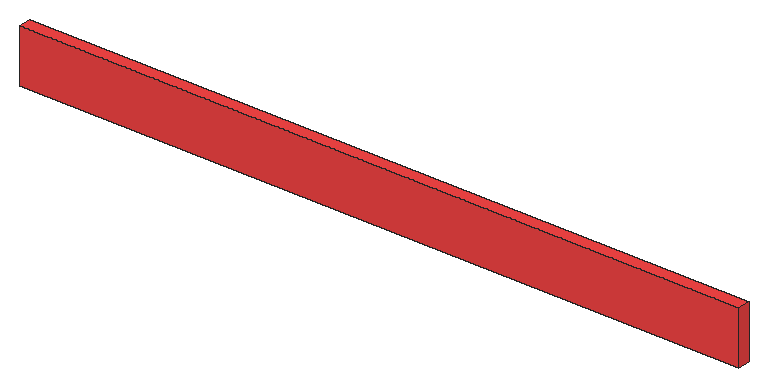
Revit family "VFB_VFB Plus 16-75mm", category Specialty Equipment, Revit 2015
Parameters (values of type "VFB Plus 16.0 x 75.0 x 1000mm")
  Youtube Clip = "https://www.youtube.com/watch?v=VjsuebgyjI8&vl=en-GB"
  Width = 16 mm
  URL = "https://www.tenmat.com/passive-fire-protection/"
  Tenmat Item Number = "I102MP01600075100000\r\nI102MP01600075100000"
  Seal Type = "VFB Plus 60\r\nVFB Plus 60"
  Performance = "BS EN 1366-3:2009 & BS 476, ETA-12/0332, 1224-CPR-0341, CE Marked"
  Material/Grade = "Firefly 102"
  Manufacturer = "Tenmat ltd"
  Length = 1000 mm
  IFC Classification = "Building Element Proxy"
  Description = "Firefly 102 Ventilated Fire Barrier"
  Depth = 75 mm
Types (60, lengths in mm): name | Width | Tenmat Item Number | Seal Type
  VFB Plus 16.0 x 75.0 x 1000mm | 16 | "I102MP01600075100000\r\nI102MP01600075100000" | "VFB Plus 60\r\nVFB Plus 60"
  VFB Plus 17.0 x 75.0 x 1000mm | 17 | "I102MP01700075100000\r\nI102MP01600075100000" | "VFB Plus 61"
  VFB Plus 18.0 x 75.0 x 1000mm | 18 | "I102MP01800075100000\r\nI102MP01600075100000" | "VFB Plus 62"
  VFB Plus 19.0 x 75.0 x 1000mm | 19 | "I102MP01900075100000\r\nI102MP01600075100000" | "VFB Plus 63"
  VFB Plus 20.0 x 75.0 x 1000mm | 20 | "I102MP02000075100000\r\nI102MP01600075100000" | "VFB Plus 64"
  VFB Plus 21.0 x 75.0 x 1000mm | 21 | "I102MP02100075100000\r\nI102MP01600075100000" | "VFB Plus 65"
  VFB Plus 22.0 x 75.0 x 1000mm | 22 | "I102MP02200075100000\r\nI102MP01600075100000" | "VFB Plus 66"
  VFB Plus 23.0 x 75.0 x 1000mm | 23 | "I102MP02300075100000\r\nI102MP01600075100000" | "VFB Plus 67"
  VFB Plus 24.0 x 75.0 x 1000mm | 24 | "I102MP02400075100000\r\nI102MP01600075100000" | "VFB Plus 68"
  VFB Plus 25.0 x 75.0 x 1000mm | 25 | "I102MP02500075100000\r\nI102MP01600075100000" | "VFB Plus 69"
  VFB Plus 26.0 x 75.0 x 1000mm | 26 | "I102MP02600075100000\r\nI102MP01600075100000" | "VFB Plus 70"
  VFB Plus 27.0 x 75.0 x 1000mm | 27 | "I102MP02700075100000\r\nI102MP01600075100000" | "VFB Plus 71"
  VFB Plus 28.0 x 75.0 x 1000mm | 28 | "I102MP02800075100000\r\nI102MP01600075100000" | "VFB Plus 72"
  VFB Plus 29.0 x 75.0 x 1000mm | 29 | "I102MP02900075100000\r\nI102MP01600075100000" | "VFB Plus 73"
  VFB Plus 30.0 x 75.0 x 1000mm | 30 | "I102MP03000075100000\r\nI102MP01600075100000" | "VFB Plus 74"
  VFB Plus 31.0 x 75.0 x 1000mm | 31 | "I102MP03100075100000\r\nI102MP01600075100000" | "VFB Plus 75"
  VFB Plus 32.0 x 75.0 x 1000mm | 32 | "I102MP03200075100000\r\nI102MP01600075100000" | "VFB Plus 76"
  VFB Plus 33.0 x 75.0 x 1000mm | 33 | "I102MP03300075100000\r\nI102MP01600075100000" | "VFB Plus 77"
  VFB Plus 34.0 x 75.0 x 1000mm | 34 | "I102MP03400075100000\r\nI102MP01600075100000" | "VFB Plus 78"
  VFB Plus 35.0 x 75.0 x 1000mm | 35 | "I102MP03500075100000\r\nI102MP01600075100000" | "VFB Plus 79"
  VFB Plus 36.0 x 75.0 x 1000mm | 36 | "I102MP03600075100000\r\nI102MP01600075100000" | "VFB Plus 80"
  VFB Plus 37.0 x 75.0 x 1000mm | 37 | "I102MP03700075100000\r\nI102MP01600075100000" | "VFB Plus 81"
  VFB Plus 38.0 x 75.0 x 1000mm | 38 | "I102MP03800075100000\r\nI102MP01600075100000" | "VFB Plus 82"
  VFB Plus 39.0 x 75.0 x 1000mm | 39 | "I102MP03900075100000\r\nI102MP01600075100000" | "VFB Plus 83"
  VFB Plus 40.0 x 75.0 x 1000mm | 40 | "I102MP04000075100000\r\nI102MP01600075100000" | "VFB Plus 84"
  VFB Plus 41.0 x 75.0 x 1000mm | 41 | "I102MP04100075100000\r\nI102MP01600075100000" | "VFB Plus 85"
  VFB Plus 42.0 x 75.0 x 1000mm | 42 | "I102MP04200075100000\r\nI102MP01600075100000" | "VFB Plus 86"
  VFB Plus 43.0 x 75.0 x 1000mm | 43 | "I102MP04300075100000\r\nI102MP01600075100000" | "VFB Plus 87"
  VFB Plus 44.0 x 75.0 x 1000mm | 44 | "I102MP04400075100000\r\nI102MP01600075100000" | "VFB Plus 88"
  VFB Plus 45.0 x 75.0 x 1000mm | 45 | "I102MP04500075100000\r\nI102MP01600075100000" | "VFB Plus 89"
  VFB Plus 46.0 x 75.0 x 1000mm | 46 | "I102MP04600075100000\r\nI102MP01600075100000" | "VFB Plus 90"
  VFB Plus 47.0 x 75.0 x 1000mm | 47 | "I102MP04700075100000\r\nI102MP01600075100000" | "VFB Plus 91"
  VFB Plus 48.0 x 75.0 x 1000mm | 48 | "I102MP04800075100000\r\nI102MP01600075100000" | "VFB Plus 92"
  VFB Plus 49.0 x 75.0 x 1000mm | 49 | "I102MP04900075100000\r\nI102MP01600075100000" | "VFB Plus 93"
  VFB Plus 50.0 x 75.0 x 1000mm | 50 | "I102MP05000075100000\r\nI102MP01600075100000" | "VFB Plus 94"
  VFB Plus 51.0 x 75.0 x 1000mm | 51 | "I102MP01600075100000\r\nI102MP05100075100000" | "VFB Plus 95"
  VFB Plus 52.0 x 75.0 x 1000mm | 52 | "I102MP05200075100000\r\nI102MP01600075100000" | "VFB Plus 96"
  VFB Plus 53.0 x 75.0 x 1000mm | 53 | "I102MP05300075100000\r\nI102MP01600075100000" | "VFB Plus 97"
  VFB Plus 54.0 x 75.0 x 1000mm | 54 | "I102MP05400075100000\r\nI102MP01600075100000" | "VFB Plus 98"
  VFB Plus 55.0 x 75.0 x 1000mm | 55 | "I102MP05500075100000\r\nI102MP01600075100000" | "VFB Plus 99"
  VFB Plus 56.0 x 75.0 x 1000mm | 56 | "I102MP05600075100000\r\nI102MP01600075100000" | "VFB Plus 100"
  VFB Plus 57.0 x 75.0 x 1000mm | 57 | "I102MP05700075100000\r\nI102MP01600075100000" | "VFB Plus 101"
  VFB Plus 58.0 x 75.0 x 1000mm | 58 | "I102MP05800075100000\r\nI102MP01600075100000" | "VFB Plus 102"
  VFB Plus 59.0 x 75.0 x 1000mm | 59 | "I102MP05900075100000\r\nI102MP01600075100000" | "VFB Plus 103"
  VFB Plus 60.0 x 75.0 x 1000mm | 60 | "I102MP06000075100000\r\nI102MP01600075100000" | "VFB Plus 104"
  VFB Plus 61.0 x 75.0 x 1000mm | 61 | "I102MP06100075100000\r\nI102MP01600075100000" | "VFB Plus 105"
  VFB Plus 62.0 x 75.0 x 1000mm | 62 | "I102MP06200075100000\r\nI102MP01600075100000" | "VFB Plus 106"
  VFB Plus 63.0 x 75.0 x 1000mm | 63 | "I102MP06300075100000\r\nI102MP01600075100000" | "VFB Plus 107"
  VFB Plus 64.0 x 75.0 x 1000mm | 64 | "I102MP06400075100000\r\nI102MP01600075100000" | "VFB Plus 108"
  VFB Plus 65.0 x 75.0 x 1000mm | 65 | "I102MP06500075100000\r\nI102MP01600075100000" | "VFB Plus 109"
  VFB Plus 66.0 x 75.0 x 1000mm | 66 | "I102MP06600075100000\r\nI102MP01600075100000" | "VFB Plus 110"
  VFB Plus 67.0 x 75.0 x 1000mm | 67 | "I102MP06700075100000\r\nI102MP01600075100000" | "VFB Plus 111"
  VFB Plus 68.0 x 75.0 x 1000mm | 68 | "I102MP01600075100000\r\nI102MP06800075100000" | "VFB Plus 112"
  VFB Plus 69.0 x 75.0 x 1000mm | 69 | "I102MP06900075100000\r\nI102MP01600075100000" | "VFB Plus 113"
  VFB Plus 70.0 x 75.0 x 1000mm | 70 | "I102MP07000075100000\r\nI102MP01600075100000" | "VFB Plus 114"
  VFB Plus 71.0 x 75.0 x 1000mm | 71 | "I102MP07100075100000\r\nI102MP01600075100000" | "VFB Plus 115"
  VFB Plus 72.0 x 75.0 x 1000mm | 72 | "I102MP01600075100000\r\nI102MP07200075100000" | "VFB Plus 116"
  VFB Plus 73.0 x 75.0 x 1000mm | 73 | "I102MP07300075100000\r\nI102MP01600075100000" | "VFB Plus 117"
  VFB Plus 74.0 x 75.0 x 1000mm | 74 | "I102MP07400075100000\r\nI102MP01600075100000" | "VFB Plus 118"
  VFB Plus 75.0 x 75.0 x 1000mm | 75 | "I102MP07500075100000\r\nI102MP01600075100000" | "VFB Plus 119"
Reference planes
  plane 1 "Center (Front/Back)": y = 0
  plane 2: z = 0
  plane 3 "Center (Left/Right)": x = 0
  plane 4: x = -500
  plane 5: y = 8
  plane 6: x = 500
  plane 7: y = -8
  plane 8: z = 75
Forms (mm)
  Extrusion 1, solid, material "Tenmat"
    sketch origin (0, 0, 0) x (1, 0, 0) y (0, 1, 0)
      loop
        line (-500, 8) -> (-500, -8) -> (500, -8) -> (500, 8) -> (-500, 8)
    from 0 to 75
Dimensions and locks
  equal spacing: plane 4, plane 3 "Center (Left/Right)", plane 6
  "Length": plane 4 to plane 6
  equal spacing: plane 5, plane 1 "Center (Front/Back)", plane 7
  "Width": plane 5 to plane 7
  "Depth": plane 8 to plane 2
  aligned and locked: level to plane 2
  aligned and locked: Extrusion 1 to plane 2
  aligned and locked: plane 8 to Extrusion 1
  aligned and locked: plane 5 to Extrusion 1
  aligned and locked: plane 7 to Extrusion 1
  aligned and locked: Extrusion 1 to plane 6
  aligned and locked: Extrusion 1 to plane 4
Automatic sketch dimensions
  Extrusion 1 sketch curve to plane 4 = 0 mm
  Extrusion 1 sketch curve to plane 6 = 0 mm
  plane 1 "Center (Front/Back)" to Extrusion 1 sketch curve = 8 mm
  Extrusion 1 sketch curve to plane 1 "Center (Front/Back)" = 8 mm
